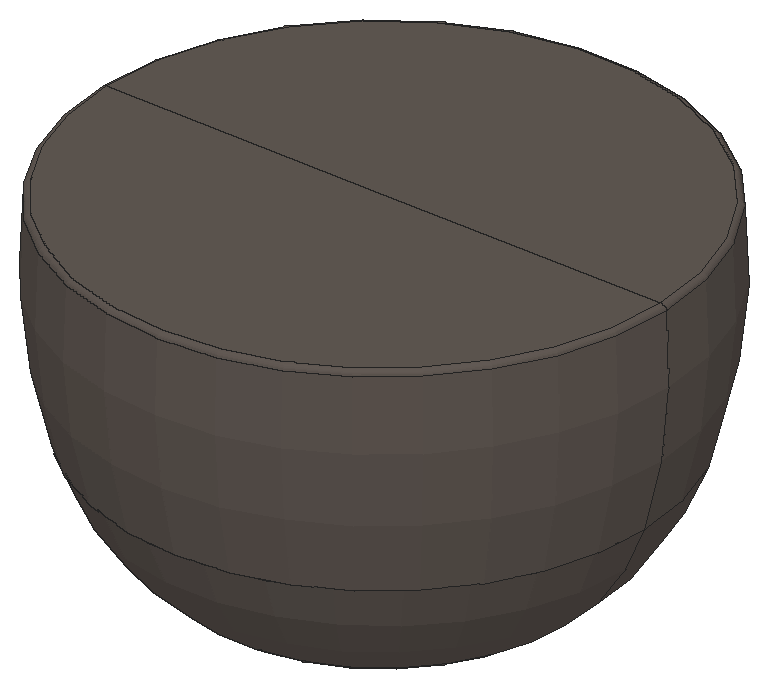
Revit family "Dymen", category Furniture, Revit 2016
Family settings
  OmniClass Number = 23.40.20.00
  OmniClass Title = General Furniture and Specialties
  Work Plane-Based = No
  Always vertical = Yes
  Cut with Voids When Loaded = No
  Shared = No
  Room Calculation Point = No
Parameters (values of type "Dymen - 24"")
  URL = "http://www.bernhardtdesign.com"
  SKU = "DYS-D9A"
  Model = "Dymen"  # constant formula
  Manufacturer = "Bernhardt Design"  # constant formula
  Dymen finish = Dymen Finish
  Copyright © = "Copyright © Bernhardt Design"  # constant formula
  Catalog = SKU  # "DYS-D9A"
  Authoring Version = "Autodesk Revit 2016"  # constant formula
  24in Visibility = yes
  15in Visibility = no
Types (3): name | SKU | Catalog | 24in Visibility | 15in Visibility
  (no name) | "DYS-D9A" | "DYS-D9A" | yes | no
  Dymen - 15" | "DYS-D03" | "DYS-D03" | no | yes
  Dymen - 24" | "DYS-D9A" | "DYS-D9A" | yes | no
Reference planes (in)
  plane 1 "Center Front/Back": y = 0
  plane 2: z = 0
  plane 3 "Center Left/Right": x = 0
Forms (in)
  Revolve 1, solid, material "Dymen Finish" <- "Dymen finish", visible <- "15in Visibility"
    sketch origin (0, 0, 0) x (1, 0, 0) y (0, 0, 1)
      loop
        line (0, 18) -> (0, 0) -> (6.43938, 0)
        arc (6.43938, 0) -> (6.56457, 0.06768) -> (6.59546, 0.2066) r 0.17136
        line (6.59546, 0.2066) -> (4.46436, 10.23262)
        arc (4.46436, 10.23262) -> (4.19904, 11.89567) -> (4.28907, 13.57736) r 7.97028
        arc (4.28907, 13.57736) -> (4.99475, 15.80675) -> (6.31707, 17.73538) r 7.97028
        arc (6.31707, 17.73538) -> (6.34825, 17.78497) -> (6.35914, 17.84252) r 0.15748
        arc (6.35914, 17.84252) -> (6.31301, 17.95388) -> (6.20166, 18) r 0.15748
        line (6.20166, 18) -> (0, 18)
      axis (0, 18) -> (0, 0)
    angle from 0 to 360
  Revolve 2, solid, material "Dymen Finish" <- "Dymen finish", visible <- "24in Visibility"
    sketch origin (0, 0, 0) x (1, 0, 0) y (0, 0, 1)
      loop
        line (0, 14.24999) -> (0, 0) -> (6.43938, 0)
        arc (6.43938, 0) -> (7.12008, 0.19559) -> (7.7292, 0.55694) r 2.77831
        arc (7.7292, 0.55694) -> (9.78059, 2.71865) -> (11.11031, 5.38567) r 10.08098
        arc (11.11031, 5.38567) -> (12.01976, 9.66425) -> (12.01976, 14.03842) r 20.92336
        arc (12.01976, 14.03842) -> (11.94288, 14.18931) -> (11.78479, 14.24999) r 0.23626
        line (11.78479, 14.24999) -> (0, 14.24999)
      axis (0, 14.24999) -> (0, 0)
    angle from 0 to 360
Dimensions and locks (in)
  aligned and locked: level to plane 2
